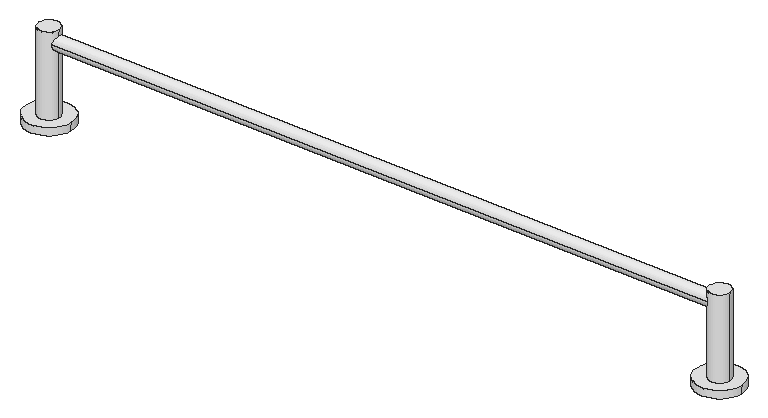
Revit family "CL60020-C_ROUND 600MM SINGLE TOWEL RAIL", category Specialty Equipment, host Face, Revit 2015
Parameters (values of type "ROUND 600MM SINGLE TOWEL RAIL CHROME")
  URL = "https://www.clark.com.au/"
  Rail_Length = 600 mm
  Model = "CL60020.C"
  Material_Base = GWA_Metal-Chrome
  Manufacturer = "GWA Bathrooms & Kitchens"  # constant formula
  Description = "ROUND 600MM SINGLE TOWEL RAIL CHROME"
  Default Elevation = 900 mm
  CreatedBy_ANZRS = "GWA Bathrooms & Kitchens"  # constant formula
  Assembly Code = "C1030200"
Types (3, lengths in mm): name | Model | Material_Base | Description
  (no name) | "CL60020.C" | GWA_Metal-Chrome | "ROUND 600MM SINGLE TOWEL RAIL CHROME"
  ROUND 600MM SINGLE TOWEL RAIL CHROME | "CL60020.C" | GWA_Metal-Chrome | "ROUND 600MM SINGLE TOWEL RAIL CHROME"
  ROUND 600MM SINGLE TOWEL RAIL BLACK | "CL60020.B" | GWA-Metal-Black | "ROUND 600MM SINGLE TOWEL RAIL BLACK"
Reference planes
  plane 1 "Center (Front/Back)": y = 0
  plane 2: z = 0
  plane 3 "Center (Left/Right)": x = 0
  plane 4 "Left Support": x = -300
  plane 5 "Right Support": x = 300
Forms (mm)
  Extrusion 1, solid, material "GWA_Metal-Chrome" <- "Material_Base"
    sketch origin (0, 0, 0) x (1, 0, 0) y (0, 1, 0)
      loop
        circle (-300, 0) r 20
    from 0 to 6.5
  Extrusion 2, solid, material "GWA_Metal-Chrome" <- "Material_Base"
    sketch origin (0, 0, 0) x (1, 0, 0) y (0, 1, 0)
      loop
        circle (300, 0) r 20
    from 0 to 6.5
  Extrusion 3, solid, material "GWA_Metal-Chrome" <- "Material_Base"
    sketch origin (0, 0, 0) x (1, 0, 0) y (0, 1, 0)
      loop
        circle (-300, 0) r 9
    from 6.5 to 76.5
  Extrusion 4, solid, material "GWA_Metal-Chrome" <- "Material_Base"
    sketch origin (0, 0, 0) x (1, 0, 0) y (0, 1, 0)
      loop
        circle (300, 0) r 9
    from 6.5 to 76.5
  Extrusion 5, solid, material "GWA_Metal-Chrome" <- "Material_Base"
    sketch origin (0, 0, 0) x (0, 1, 0) y (0, 0, 1)
      loop
        circle (0, 66.5) r 6
    from -300 to 300
Lines and regions (mm)
  Masking region 1
    outline origin (0, 0, 0) x (1, 0, 0) y (0, 0, 1)
      loop
        line (291, 6.5) -> (280, 6.5) -> (280, 0) -> (320, 0) -> (320, 6.5) -> (309, 6.5) -> (309, 76.5) -> (291, 76.5) -> (291, 72.5) -> (-291, 72.5) -> (-291, 76.5) -> (-309, 76.5) -> (-309, 6.5) -> (-320, 6.5) -> (-320, 0) -> (-280, 0) -> (-280, 6.5) -> (-291, 6.5) -> (-291, 60.5) -> (291, 60.5) -> (291, 6.5)
  Masking region 2
    outline origin (0, 0, 0) x (1, 0, 0) y (0, 1, 0)
      loop
        arc (-280.921, 6) -> (-303.035, 19.768) -> (-320, 0) r 20
        arc (-320, 0) -> (-303.035, -19.768) -> (-280.921, -6) r 20
        line (-280.921, -6) -> (280.921, -6)
        arc (280.921, -6) -> (303.035, -19.768) -> (320, 0) r 20
        arc (320, 0) -> (303.035, 19.768) -> (280.921, 6) r 20
        line (280.921, 6) -> (-280.921, 6)
  Masking region 3
    outline origin (0, 0, 0) x (0, 1, 0) y (0, 0, 1)
      loop
        line (-9, 76.5) -> (-9, 6.5) -> (-20, 6.5) -> (-20, 0) -> (20, 0) -> (20, 6.5) -> (9, 6.5) -> (9, 76.5) -> (-9, 76.5)
  symbolic lines
    curve 1: line (291, 0, 6.5) -> (309, 0, 6.5)
    curve 2: line (291, 0, 72.5) -> (291, 0, 60.5)
    curve 3: line (-291, 0, 72.5) -> (-291, 0, 60.5)
    curve 4: line (-309, 0, 6.5) -> (-291, 0, 6.5)
    curve 5: circle (-300, 0, 0) r 9 normal (0, 0, 1)
    curve 6: line (-280.921, 6, 0) -> (-293.292, 6, 0)
    curve 7: line (-280.921, -6, 0) -> (-293.292, -6, 0)
    curve 8: circle (300, 0, 0) r 9 normal (0, 0, 1)
    curve 9: line (280.921, 6, 0) -> (293.292, 6, 0)
    curve 10: line (280.921, -6, 0) -> (293.292, -6, 0)
    curve 11: line (0, -9, 6.5) -> (0, 9, 6.5)
Dimensions and locks
  equal spacing: plane 4 "Left Support", plane 3 "Center (Left/Right)", plane 5 "Right Support"
  "Rail_Length": plane 4 "Left Support" to plane 5 "Right Support"
  aligned and locked: plane 2 to host face
  aligned and locked: level to host face
  aligned and locked: Extrusion 5 to plane 4 "Left Support"
  aligned and locked: plane 5 "Right Support" to Extrusion 5
Automatic sketch dimensions
  host sketch curve to host sketch curve = 2438.4 mm  (x2)
  plane 1 "Center (Front/Back)" to Extrusion 1 sketch curve = 0 mm
  Extrusion 1 sketch curve to plane 4 "Left Support" = 0 mm
  plane 1 "Center (Front/Back)" to Extrusion 2 sketch curve = 0 mm
  Extrusion 2 sketch curve to plane 5 "Right Support" = 0 mm
  plane 1 "Center (Front/Back)" to Extrusion 3 sketch curve = 0 mm
  Extrusion 3 sketch curve to plane 4 "Left Support" = 0 mm
  plane 1 "Center (Front/Back)" to Extrusion 4 sketch curve = 0 mm
  Extrusion 4 sketch curve to plane 5 "Right Support" = 0 mm
  Extrusion 5 sketch curve to plane 1 "Center (Front/Back)" = 0 mm
  level to Extrusion 5 sketch curve = 66.5 mm
  Masking region 1 sketch curve to level = 0 mm  (x2)
  plane 4 "Left Support" to Masking region 1 sketch curve = 9 mm  (x2)
  Masking region 1 sketch curve to plane 5 "Right Support" = 9 mm  (x2)
  Masking region 1 sketch curve to plane 4 "Left Support" = 9 mm
  Masking region 1 sketch curve to Masking region 1 sketch curve = 11 mm  (x3)
  level to Masking region 1 sketch curve = 6.5 mm  (x3)
  Masking region 1 sketch curve to plane 5 "Right Support" = 20 mm
  plane 5 "Right Support" to Masking region 1 sketch curve = 9 mm
  Masking region 1 sketch curve to Masking region 1 sketch curve = 6.5 mm
  Masking region 1 sketch curve to Masking region 1 sketch curve = 70 mm
  Masking region 1 sketch curve to Masking region 1 sketch curve = 16 mm
  Masking region 1 sketch curve to Masking region 1 sketch curve = 4 mm
  Masking region 1 sketch curve to Masking region 1 sketch curve = 12 mm
  curve 4 to plane 4 "Left Support" = 9 mm
  level to curve 1 = 6.5 mm
  plane 4 "Left Support" to curve 4 = 9 mm
  plane 4 "Left Support" to curve 3 = 9 mm
  curve 1 to plane 5 "Right Support" = 9 mm
  curve 2 to plane 5 "Right Support" = 9 mm
  plane 5 "Right Support" to curve 1 = 9 mm
  level to curve 4 = 6.5 mm
  curve 1 to curve 2 = 54 mm
  curve 4 to curve 3 = 54 mm
  curve 3 to curve 3 = 12 mm
  curve 2 to curve 2 = 12 mm
  Masking region 2 sketch curve to Masking region 2 sketch curve = 0 mm  (x2)
  plane 1 "Center (Front/Back)" to Masking region 2 sketch curve = 0 mm  (x2)
  Masking region 2 sketch curve to plane 4 "Left Support" = 0 mm
  Masking region 2 sketch curve to plane 5 "Right Support" = 0 mm
  Masking region 2 sketch curve to plane 1 "Center (Front/Back)" = 6 mm
  plane 4 "Left Support" to Masking region 2 sketch curve = 19.079 mm
  plane 1 "Center (Front/Back)" to Masking region 2 sketch curve = 6 mm
  Masking region 2 sketch curve to plane 5 "Right Support" = 19.079 mm
  plane 1 "Center (Front/Back)" to curve 5 = 0 mm
  curve 5 to plane 4 "Left Support" = 0 mm
  plane 1 "Center (Front/Back)" to curve 8 = 0 mm
  curve 8 to plane 5 "Right Support" = 0 mm
  plane 4 "Left Support" to curve 7 = 6.708 mm
  plane 4 "Left Support" to curve 6 = 6.708 mm
  curve 6 to plane 1 "Center (Front/Back)" = 6 mm
  curve 6 to curve 6 = 12.371 mm
  curve 7 to curve 6 = 0 mm
  curve 9 to plane 1 "Center (Front/Back)" = 6 mm
  curve 9 to plane 5 "Right Support" = 19.079 mm
  curve 10 to curve 9 = 0 mm
  curve 10 to plane 5 "Right Support" = 6.708 mm
  plane 1 "Center (Front/Back)" to curve 10 = 6 mm
  Masking region 3 sketch curve to level = 0 mm
  plane 1 "Center (Front/Back)" to Masking region 3 sketch curve = 20 mm
  Masking region 3 sketch curve to plane 1 "Center (Front/Back)" = 9 mm
  Masking region 3 sketch curve to Masking region 3 sketch curve = 11 mm
  level to Masking region 3 sketch curve = 6.5 mm
  Masking region 3 sketch curve to Masking region 3 sketch curve = 6.5 mm
  Masking region 3 sketch curve to Masking region 3 sketch curve = 70 mm
  plane 1 "Center (Front/Back)" to Masking region 3 sketch curve = 9 mm
  plane 1 "Center (Front/Back)" to curve 11 = 9 mm
  level to curve 11 = 6.5 mm
  curve 11 to plane 1 "Center (Front/Back)" = 9 mm
  radius of Extrusion 1 sketch curve = 20 mm
  radius of Extrusion 2 sketch curve = 20 mm
  radius of Extrusion 3 sketch curve = 9 mm
  radius of Extrusion 4 sketch curve = 9 mm
  radius of Extrusion 5 sketch curve = 6 mm
